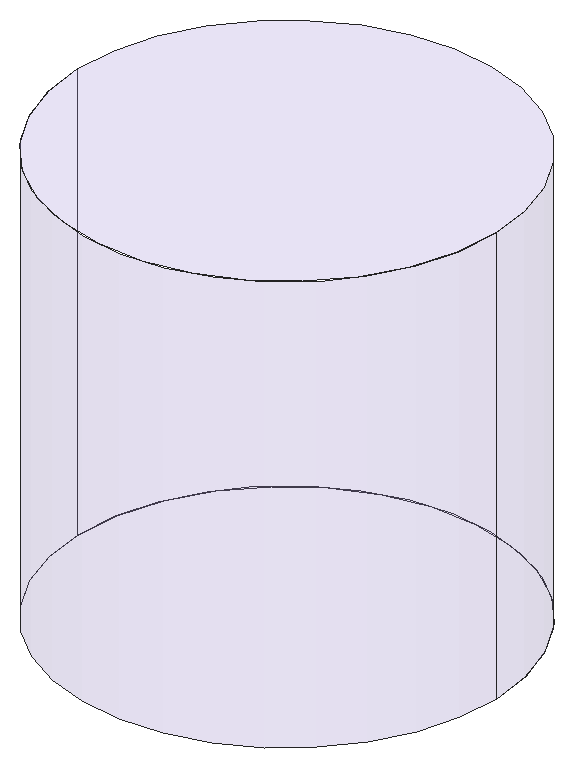
Revit family
Parameters
  Radius [instance] = 4500 mm
  Mass Material [instance] = Default Mass
  Height [instance] = 9000 mm
  Default Elevation = 1219.2 mm
Reference planes
  plane 1 "Center (Front/Back)": y = 12.955
  plane 2: z = 0
  plane 3 "Center (Left/Right)": x = -30.261
  plane 4: y = 4512.955
  plane 5: x = 4469.739
  plane 6: y = -4487.045
  plane 7: x = -4530.261
  plane 8: z = 9000
Forms (mm)
  Extrusion 1, solid, material "Default Mass" <- "Mass Material"
    sketch origin (0, 0, 0) x (1, 0, 0) y (0, 1, 0)
      loop
        circle (-30.261, 12.955) r 4500
    from 0 to 9000
Dimensions and locks
  "Radius": plane 4 to plane 1 "Center (Front/Back)"
  "Radius": plane 1 "Center (Front/Back)" to plane 6
  "Radius": plane 3 "Center (Left/Right)" to plane 5
  "Radius": plane 7 to plane 3 "Center (Left/Right)"
  "Height": plane 8 to plane 2
  locked: plane 2 to level
  "Radius": radius of Extrusion 1 sketch curve
  aligned and locked: plane 8 to Extrusion 1
  aligned and locked: Extrusion 1 to plane 2
Automatic sketch dimensions
  Extrusion 1 sketch curve to plane 1 "Center (Front/Back)" = 0 mm
  Extrusion 1 sketch curve to plane 3 "Center (Left/Right)" = 0 mm
